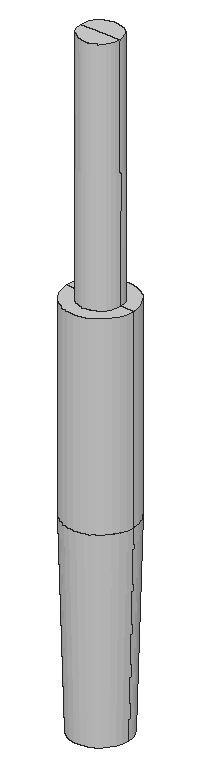
Revit family "MF_SHE-BOLT TIE 0,35 (14'' 1-4'')_1904420", category Generic Models, Revit 2018
Family settings
  Can host rebar = No
  Round Connector Dimension = Use Diameter
  Part Type = Normal
  OmniClass Number = 35.51.14.00
  OmniClass Title = FORMWORK
  Work Plane-Based = Yes
  Always vertical = No
  Cut with Voids When Loaded = No
  Shared = Yes
  Room Calculation Point = No
Parameters
  VERSION = "20190101"  # constant formula
  URL = "www.ulmaconstruction.com/en"
  UNICLASS = ""
  ITEM_CODE = "1904420"
  Manufacturer = "ULMA CONSTRUCTION"  # constant formula
  FILTER [instance] = ""
  Default Elevation = 0"
  CLASSIFICATION_TITLE = ""
  CLASSIFICATION_NUMBER = ""
Reference planes (in)
  plane 1 "Centro (Frontal/Posterior)": y = 0
  plane 2: z = 0
  plane 3 "Centro (Izquierda/Derecha)": x = 0
  plane 4 "0": z = -9.05512
  plane 5 "ITEM_LENGTH": z = 4.94488
  plane 6 "TIE ROD TOP": z = -6.69291
Forms (in)
  Revolve 1, solid, material "ULMA ZINC"
    sketch origin (0, 0, 0) x (1, 0, 0) y (0, 0, 1)
      loop
        line (0, -9.05512) -> (0, 4.94488) -> (-0.43867, 4.94488) -> (-0.45276, -0.3937) -> (-0.74803, -0.3937) -> (-0.74803, -4.72441) -> (-0.62773, -9.05512) -> (0, -9.05512)
      axis (0, 4.94488) -> (0, -9.05512)
    angle from 0 to 360
Lines and regions (in)
  model lines, style "ULMA TIE ROD", detail levels fine
    curve 1: circle (0, 0, -6.69291) r 0.69291 normal (0, 0, 1)
    curve 2: circle (0, 0, -9.05512) r 0.4626 normal (0, 0, 1)
Dimensions and locks (in)
  locked: plane 5 "ITEM_LENGTH" to plane 4 "0" at 14
  locked: plane 6 "TIE ROD TOP" to plane 4 "0" at 2.3622
  aligned and locked: level to plane 2
  aligned and locked: plane 4 "0" to Revolve 1
  aligned and locked: plane 5 "ITEM_LENGTH" to Revolve 1
